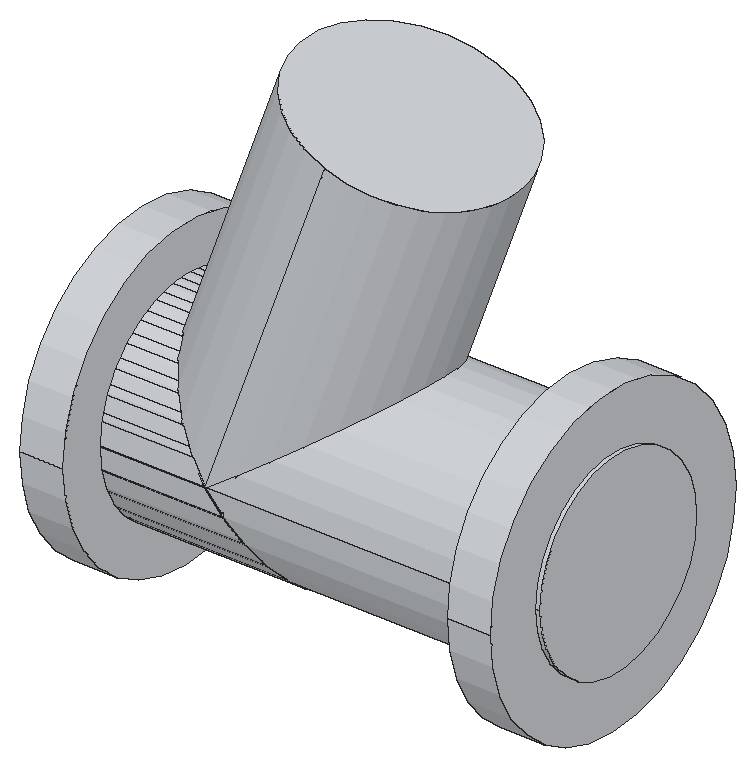
Revit family "447-DN065-RFA_2018", category Pipe Accessories, Revit 2018
Family settings
  Round Connector Dimension = Use Diameter
  Part Type = Valve - Breaks Into
  Work Plane-Based = No
  Always vertical = Yes
  Cut with Voids When Loaded = No
  Shared = No
Parameters (values of type "447-DN065")
  magiProductId = "bd77367604f142d88050bf73c88c7b"
  magiProductFamilyId = "b72cb932c1b3471491e3d369876ba1"
  magiPartTypeId = 304
  isMeasuringValve [instance] = no
  ang2D [instance] = 0.00°
  X2 = 71.982 mm
  X1 = 40.6 mm
  W2D = 100 mm
  VersionID = "2.0/2017.9.26.1/ZETKAMA_447_001"
  Use Minimum Symbol Size [instance] = yes
  URL = "http://www.hydronix.cz"
  Type Comments = "přírubový; PN16; -10~+120°C"
  S = 118 mm
  QmdConnectorList = "301;D;302;D"
  Productdata [instance] = ""
  Manufacturer = "Hydronix"
  MC Product Code = "447 065 (DN65; PN16 kvs88,8)"
  MC Piping Given Pressure Drop [instance] = 0.0 Pa
  LM1 = 23.2 mm
  LM = 232 mm
  L2D_Min = 3048 mm
  L2D = 350 mm
  L2 = 145 mm
  HH1 = 197.769 mm
  FD = 185 mm
  Description = "Ruční vyvažovací ventil přírubový; DN65; PN16; kvs88,8"
  DT = 130 mm
  D = 65 mm
  CC = 2.9 mm
  CAT0 = yes
  C1 = 26.1 mm
  C = 29 mm
Types (10, lengths in mm): name | magiProductId | X2 | X1 | S | MC Product Code | LM1 | LM | L2 | HH1 | FD | Description | DT | D | CC | C1 | C
  447-DN100 | "98b46d48787042dd9a812fc0797c69" | 79.261 | 49 | 156 | "447 100 (DN100; PN16 kvs184,7)" | 28 | 280 | 175 | 217.769 | 220 | "Ruční vyvažovací ventil přírubový; DN100; PN16; kvs184,7" | 130 | 100 | 3.5 | 31.5 | 35
  447-DN125 | "02b47ccb17f74d08923d86f3fe118e" | 86.541 | 56 | 184 | "447 125 (DN125; PN16 kvs285,1)" | 32 | 320 | 200 | 237.769 | 250 | "Ruční vyvažovací ventil přírubový; DN125; PN16; kvs285,1" | 130 | 125 | 4 | 36 | 40
  447-DN150 | "7f7b5672e2b748ca8839732ddacd1d" | 95.64 | 67.2 | 211 | "447 150 (DN150; PN16 kvs390,2)" | 38.4 | 384 | 240 | 262.769 | 285 | "Ruční vyvažovací ventil přírubový; DN150; PN16; kvs390,2" | 130 | 150 | 4.8 | 43.2 | 48
  447-DN200 | "e1019e6fc9b647ceac6d31797e2f53" | 155.411 | 84 | 266 | "447 200 (DN200; PN16 kvs710)" | 48 | 480 | 300 | 426.987 | 340 | "Ruční vyvažovací ventil přírubový; DN200; PN16; kvs710" | 310 | 200 | 6 | 54 | 60
  447-DN250 | "a0eac83e29f84220b7ba68901aa49e" | 171.789 | 102.2 | 319 | "447 250 (DN250; PN16 kvs1188)" | 58.4 | 584 | 365 | 471.987 | 405 | "Ruční vyvažovací ventil přírubový; DN250; PN16; kvs1188" | 310 | 250 | 7.3 | 65.7 | 73
  447-DN300 | "476300b2e87f4f20bd49d272c44436" | 175.429 | 119 | 370 | "447 300 (DN300; PN16 kvs1504)" | 68 | 680 | 425 | 481.987 | 460 | "Ruční vyvažovací ventil přírubový; DN300; PN16; kvs1504" | 310 | 300 | 8.5 | 76.5 | 85
  447-DN040 | "1b02107dafeb4f5588628c478854c2" | 42.71 | 28 | 84 | "447 040 (DN40; PN16 kvs22,36)" | 16 | 160 | 100 | 117.345 | 150 | "Ruční vyvažovací ventil přírubový; DN40; PN16; kvs22,36" | 74 | 40 | 2 | 18 | 20
  447-DN050 | "5ed7087ff739473a8b86e2dbbe5062" | 42.71 | 32.2 | 99 | "447 050 (DN50; PN16 kvs32,15)" | 18.4 | 184 | 115 | 117.345 | 165 | "Ruční vyvažovací ventil přírubový; DN50; PN16; kvs32,15" | 74 | 50 | 2.3 | 20.7 | 23
  447-DN065 | "bd77367604f142d88050bf73c88c7b" | 71.982 | 40.6 | 118 | "447 065 (DN65; PN16 kvs88,8)" | 23.2 | 232 | 145 | 197.769 | 185 | "Ruční vyvažovací ventil přírubový; DN65; PN16; kvs88,8" | 130 | 65 | 2.9 | 26.1 | 29
  447-DN080 | "7399fcf493614c92ad9035a8ac3adf" | 71.982 | 43.4 | 132 | "447 080 (DN80; PN16 kvs113,4)" | 24.8 | 248 | 155 | 197.769 | 200 | "Ruční vyvažovací ventil přírubový; DN80; PN16; kvs113,4" | 130 | 80 | 3.1 | 27.9 | 31
Reference planes
  plane 1 "Center (Front/Back)": y = 0
  plane 2 "XYPLANE": z = 0
  plane 3 "Center (Left/Right)": x = 0
  plane 4 "110": x = 19.782
  plane 5 "109": z = 197.769
  plane 6 "108": x = -52.2
  plane 7 "107": x = 142.1
  plane 8 "106": x = -142.1
  plane 9 "105": z = 0
  plane 10 "104": y = 0
  plane 11 "103": x = -145
  plane 12 "102": x = 145
  plane 13 "100": x = -116
  plane 14 "99": x = 116
  plane 15 "98": x = -92.8
Forms (mm)
  Extrusion 1, solid, visible <- "CAT0"
    sketch origin (-116, -750, 0) x (0, 1, 0) y (0, 0, 1)
      loop
        circle (750, 0) r 65
    from 0 to 232 <- "LM"
  Sweep 2, solid, visible <- "CAT0"
    path origin (750, 0, 0) x (-1, 0, 0) y (0, 0, 1)
      loop
        line (866, 0) -> (802.2, 0) -> (730.218, 197.769)
    profile origin (-116, 0, 0) x (0, 0, -1) y (0, 1, 0)
      loop
        circle (0, 0) r 65
  Extrusion 3, solid
    sketch origin (142.1, -750, 0) x (0, 1, 0) y (0, 0, 1)
      loop
        circle (750, 0) r 59
    from 0 to 2.9 <- "CC"
  Extrusion 4, solid
    sketch origin (116, -750, 0) x (0, 1, 0) y (0, 0, 1)
      loop
        circle (750, 0) r 92.5
    from 0 to 26.1 <- "C1"
  Extrusion 5, solid
    sketch origin (-142.1, -750, 0) x (0, 1, 0) y (0, 0, 1)
      loop
        circle (750, 0) r 92.5
    from 0 to 26.1 <- "C1"
  Extrusion 6, solid
    sketch origin (-145, -750, 0) x (0, 1, 0) y (0, 0, 1)
      loop
        circle (750, 0) r 59
    from 0 to 2.9 <- "CC"
  Extrusion 7, solid, not visible
    sketch origin (-145, -750, 0) x (0, 1, 0) y (0, 0, 1)
      loop
        circle (750, 0) r 10
    from 0 to 10
  Extrusion 8, solid, not visible
    sketch origin (145, -750, 0) x (0, 1, 0) y (0, 0, 1)
      loop
        circle (750, 0) r 10
    from 0 to -10
Lines and regions (mm)
  reference lines, not visible
    curve 1: circle (2, 2, 0) r 1 normal (0, 0, 1)
Dimensions and locks
  plane 1 "Center (Front/Back)" to curve 1 = 2 mm
  "X2": plane 6 "108" to plane 4 "110"
  "HH1": plane 2 "XYPLANE" to plane 5 "109"
  "X1": plane 15 "98" to plane 6 "108"
  "C1": plane 14 "99" to plane 7 "107"
  "CC": plane 11 "103" to plane 8 "106"
  locked: plane 2 "XYPLANE" to plane 9 "105"
  locked: plane 1 "Center (Front/Back)" to plane 10 "104"
  "L2": plane 3 "Center (Left/Right)" to plane 11 "103"
  "L2": plane 3 "Center (Left/Right)" to plane 12 "102"
  "C": plane 11 "103" to plane 13 "100"
  "LM": plane 13 "100" to plane 14 "99"
  "LM1": plane 13 "100" to plane 15 "98"
  Sweep 2 sketch curve to Sweep 2 sketch curve = 0 mm  (x2)
  "DT": diameter of Extrusion 1 sketch curve
  "DT": diameter of Sweep 2 sketch curve
  "S": diameter of Extrusion 3 sketch curve
  "FD": diameter of Extrusion 4 sketch curve
  "FD": diameter of Extrusion 5 sketch curve
  "S": diameter of Extrusion 6 sketch curve
  aligned and locked: level to plane 2 "XYPLANE"
  aligned and locked: plane 9 "105" to Extrusion 1 sketch curve
  aligned and locked: Extrusion 1 sketch curve to plane 10 "104"
  aligned and locked: plane 9 "105" to Sweep 2 sketch curve  (x3)
  aligned and locked: Sweep 2 sketch curve to plane 10 "104"
  aligned and locked: plane 13 "100" to Sweep 2 sketch curve
  aligned and locked: plane 6 "108" to Sweep 2 sketch curve
  aligned and locked: plane 4 "110" to Sweep 2 sketch curve
  aligned and locked: plane 5 "109" to Sweep 2 sketch curve
  aligned and locked: plane 9 "105" to Extrusion 3 sketch curve
  aligned and locked: Extrusion 3 sketch curve to plane 10 "104"
  aligned and locked: plane 9 "105" to Extrusion 4 sketch curve
  aligned and locked: Extrusion 4 sketch curve to plane 10 "104"
  aligned and locked: plane 9 "105" to Extrusion 5 sketch curve
  aligned and locked: Extrusion 5 sketch curve to plane 10 "104"
  aligned and locked: plane 9 "105" to Extrusion 6 sketch curve
  aligned and locked: Extrusion 6 sketch curve to plane 10 "104"
  aligned and locked: plane 9 "105" to Extrusion 7 sketch curve
  aligned and locked: Extrusion 7 sketch curve to plane 10 "104"
  aligned and locked: plane 9 "105" to Extrusion 8 sketch curve
  aligned and locked: Extrusion 8 sketch curve to plane 10 "104"
Automatic sketch dimensions
  plane 1 "Center (Front/Back)" to Extrusion 7 sketch curve = 10 mm
  plane 1 "Center (Front/Back)" to Extrusion 8 sketch curve = 10 mm
  plane 3 "Center (Left/Right)" to curve 1 = 2 mm
  radius of curve 1 = 1 mm
Connectors
  piping at (-145, 0, 0), diameter 65, driven by "D"
    settings: on Extrusion 7, index 1, connector inside diameter 609.6 mm, connector length 0 mm, flow factor 0, pipe flow 0.0 L/s, pressure drop 0.0 Pa, fitting loss kfactor 0, connector angle 0.00°, fixture units 0, engagement length 0 mm, angle of deflection 0.00°, flow configuration 0, flow direction 0, fitting loss method 0, system type 29, joint type 0, gender type 0, connector reference index 2, connector utility 0, adjustable connector no, is connector primary yes, connector description ""
  piping at (145, 0, 0), diameter 65, driven by "D"
    settings: on Extrusion 8, index 2, connector inside diameter 609.6 mm, connector length 0 mm, flow factor 0, pipe flow 0.0 L/s, pressure drop 0.0 Pa, fitting loss kfactor 0, connector angle 0.00°, fixture units 0, engagement length 0 mm, angle of deflection 0.00°, flow configuration 0, flow direction 0, fitting loss method 0, system type 29, joint type 0, gender type 0, connector reference index 1, connector utility 0, adjustable connector no, is connector primary no, connector description ""
